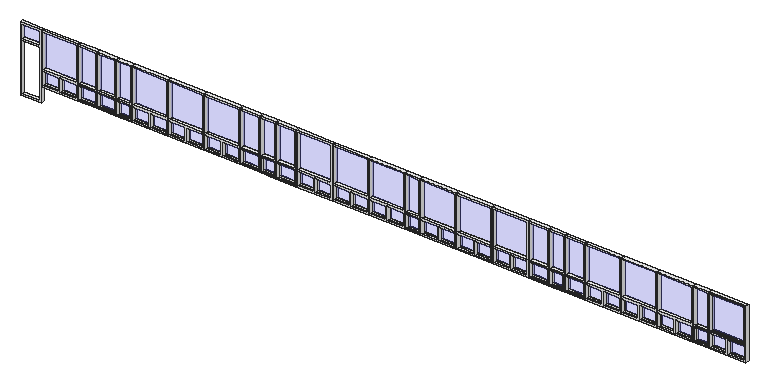
Revit family
Parameters
  창 두께 = 150 mm
  창 패널 = AW26 창 패널
  창 프레임 = AW26 창 프레임
  길이 4 = 길이 1 * 3  # 4500 mm
  길이 3 = 650 mm
  길이 2 = Height + 기본 씰 높이  # 2700 mm
  길이 1 = (Width - 10650 mm) / 13  # 1500 mm
  Height = 2100 mm
  절반 창 두께 = 창 두께 / 2  # 75 mm
  기본 씰 높이 = 600 mm
  Wall Closure = (empty or 0)
  Width = 30150 mm
Reference planes
  plane 1: y = 0
  plane 2 "왼쪽": x = -15075
  plane 3 "오른쪽": x = 15075
  plane 4 "씰": z = 600
  plane 5 "헤드": z = 2700
  plane 6 "외부": y = 100
  plane 7 "내부": y = -100
  plane 8: y = -75
  plane 9: y = 75
  plane 10: y = 66
  plane 11: y = 44
  plane 12: y = 35
  plane 13: x = 1550
  plane 14: z = 1200
  plane 15: z = 645
  plane 16: z = 1245
  plane 17: z = 1190
  plane 18: z = 655
  plane 19: z = 2655
  plane 20: z = 2100
  plane 21: z = 2055
Text (mm)
  text "외부" at (-1963.203, 1332.353, 0), in view "참조 레벨"
  text "내부" at (-1981.466, -818.386, 0), in view "참조 레벨"
  text "외부" at (0, 923.751, 2943.296), in view "오른쪽"
  text "외부" at (0, 1040.484, 2685.409), in view "왼쪽"
Dimensions and locks
  "Height": plane 4 "씰" to plane 5 "헤드"
  "기본 씰 높이": plane 4 "씰" to level
  locked: plane 6 "외부" to host wall at 0
  locked: plane 7 "내부" to host wall
  plane 9 to plane 10 to plane 11 to plane 12 = 9 mm locked, 22 mm locked, 9 mm locked
  locked: plane 4 "씰" to plane 14 at 600
  plane 4 "씰" to plane 15 to plane 18 = 45 mm locked, 10 mm locked
  plane 17 to plane 14 to plane 16 = 10 mm locked, 45 mm locked
  locked: plane 19 to plane 5 "헤드" at 45
  plane 21 to plane 20 to plane 5 "헤드" = 45 mm locked, 600 mm locked
  "절반 창 두께": plane 9 to host wall
  "절반 창 두께": host wall to plane 8
  "길이 4": nested 6 to nested 9
  locked: nested 8 to nested 17 at 2350
  "길이 4": nested 14 to nested 5
  locked: nested 22 to nested 14 at 2350
  locked: nested 25 to nested 24 at 2250
  plane 2 "왼쪽" to plane 13 to plane 3 "오른쪽" = 16625 mm, 13525 mm
  aligned and locked: plane 4 "씰" to nested 1  (x2)
  aligned and locked: plane 4 "씰" to nested 2  (x2)
  aligned and locked: plane 4 "씰" to nested 3  (x3)
  aligned and locked: nested 3 to nested 2
  aligned and locked: nested 3 to nested 4
  aligned and locked: plane 4 "씰" to nested 4  (x2)
  aligned and locked: nested 1 to nested 5
  aligned and locked: plane 4 "씰" to nested 5  (x2)
  aligned and locked: nested 1 to nested 6
  aligned and locked: nested 6 to nested 7
  aligned and locked: nested 7 to nested 8
  aligned and locked: nested 9 to nested 10
  aligned and locked: nested 10 to nested 11
  aligned and locked: nested 5 to nested 12
  aligned and locked: nested 12 to nested 13
  aligned and locked: nested 14 to nested 15
  aligned and locked: nested 15 to nested 16
  aligned and locked: nested 17 to nested 18
  aligned and locked: nested 18 to nested 19
  aligned and locked: nested 19 to nested 20
  aligned and locked: plane 4 "씰" to nested 21  (x2)
  aligned and locked: nested 21 to nested 20
  aligned and locked: nested 22 to nested 23
  aligned and locked: nested 23 to nested 24
  aligned and locked: nested 2 to nested 24
  aligned and locked: nested 26 to nested 25
  aligned and locked: plane 4 "씰" to nested 20
  aligned and locked: plane 4 "씰" to nested 19
  aligned and locked: plane 4 "씰" to nested 18
  aligned and locked: plane 4 "씰" to nested 17  (x2)
  aligned and locked: plane 4 "씰" to nested 11
  aligned and locked: plane 4 "씰" to nested 10
  aligned and locked: plane 4 "씰" to nested 9
  aligned and locked: plane 4 "씰" to nested 8
  aligned and locked: plane 4 "씰" to nested 7
  aligned and locked: plane 4 "씰" to nested 6
  aligned and locked: plane 4 "씰" to nested 12
  aligned and locked: plane 4 "씰" to nested 13
  aligned and locked: plane 4 "씰" to nested 14
  aligned and locked: plane 4 "씰" to nested 15
  aligned and locked: plane 4 "씰" to nested 16
  aligned and locked: plane 4 "씰" to nested 22
  aligned and locked: plane 4 "씰" to nested 23
  aligned and locked: plane 4 "씰" to nested 24
  aligned and locked: plane 4 "씰" to nested 25
Nested families
  nested 1: "창 고정 단위" at (1225, 0, 0), type "AW9_1_1"
  nested 2: "창 고정 단위" at (-10775, 0, 0), type "AW9_1"
  nested 3: "창 고정 단위" at (-11500, 0, 0), type "AW9_3"
  nested 4: "창 고정 단위" at (-12300, 0, 0), type "AW9_3"
  nested 5: "AW9 2" at (150, 0, 0), type "AW9"
  nested 6: "AW9 2" at (2300, 0, 0), type "AW9"
  nested 7: "AW9 2" at (3800, 0, 0), type "AW9"
  nested 8: "AW9 2" at (5300, 0, 0), type "AW9"
  nested 9: "창 고정 단위" at (6475, 0, 0), type "AW9_2"
  nested 10: "창 고정 단위" at (7225, 0, 0), type "AW9_1"
  nested 11: "창 고정 단위" at (7975, 0, 0), type "AW9_2"
  nested 12: "AW9 2" at (-1350, 0, 0), type "AW9"
  nested 13: "AW9 2" at (-2850, 0, 0), type "AW9"
  nested 14: "창 고정 단위" at (-4025, 0, 0), type "AW9_2"
  nested 15: "창 고정 단위" at (-4775, 0, 0), type "AW9_1"
  nested 16: "창 고정 단위" at (-5525, 0, 0), type "AW9_2"
  nested 17: "AW9 2" at (9150, 0, 0), type "AW9"
  nested 18: "AW9 2" at (10650, 0, 0), type "AW9"
  nested 19: "AW9 2" at (12150, 0, 0), type "AW9"
  nested 20: "창 고정 단위" at (13225, 0, 0), type "AW9_1"
  nested 21: "창 개구부 단위" at (14312.5, 0, 0), type "AW9"
  nested 22: "AW9 2" at (-6700, 0, 0), type "AW9"
  nested 23: "AW9 2" at (-8200, 0, 0), type "AW9"
  nested 24: "AW9 2" at (-9700, 0, 0), type "AW9"
  nested 25: "AW9 2" at (-13450, 0, 0), type "AW9"
  nested 26: "문 프레임" at (-14637.5, 0, 0), type "AW9-1"
Definition of nested family "창 고정 단위"
  Parameters (values of type "AW9_1_1")
    창 두께 = 150 mm
    창 패널 = AW26 창 패널
    창 프레임 = AW26 창 프레임
    Height = 2100 mm
    절반 창 두께 = 창 두께 / 2  # 75 mm
    기본 씰 높이 = 600 mm
    Wall Closure = (empty or 0)
    Width = 650 mm
    Assembly Code = ""
  Types (4, lengths in mm): name | Width
    AW9_1_1 | 650
    AW9_3 | 800
    AW9_2 | 850
    AW9_1 | 650
  Reference planes
    plane 1: y = 0
    plane 2 "중심(왼쪽/오른쪽)": x = 0
    plane 3 "왼쪽": x = -325
    plane 4 "오른쪽": x = 325
    plane 5 "씰": z = 600
    plane 6 "헤드": z = 2700
    plane 7 "외부": y = 100
    plane 8 "내부": y = -100
    plane 9: y = 75
    plane 10: y = -75
    plane 11: y = 35
    plane 12: x = -280
    plane 13: x = 280
    plane 14: x = -270
    plane 15: x = 270
    plane 16: z = 1200
    plane 17: z = 1190
    plane 18: z = 1245
    plane 19: y = 55
    plane 20: y = 66
    plane 21: y = 44
    plane 22: y = -11
    plane 23: y = 11
    plane 24: x = -22.5
    plane 25: x = 22.5
    plane 26: x = -32.5
    plane 27: x = 32.5
    plane 28: z = 2655
    plane 29: z = 645
    plane 30: x = 230
    plane 31: z = 1150
    plane 32: x = -230
    plane 33: z = 685
    plane 34: x = 72.5
    plane 35: x = -72.5
    plane 36: x = 156.25
    plane 37: x = -156.25
    plane 38: z = 655
  Forms (mm)
    Extrusion 1, solid, material "AW26 창 프레임" <- "창 프레임"
      sketch origin (-2000, 75, 1000) x (-1, 0, 0) y (0, 0, 1)
        loop
          line (-2325, 1700) -> (-2325, -400) -> (-1675, -400) -> (-1675, 1700) -> (-2325, 1700)
        loop
          line (-2280, 1655) -> (-2280, 245) -> (-1720, 245) -> (-1720, 1655) -> (-2280, 1655)
        loop
          line (-2280, -355) -> (-1720, -355) -> (-1720, 200) -> (-2280, 200) -> (-2280, -355)
      from -150 to 0
    Extrusion 2, solid, material "AW26 창 패널" <- "창 패널"
      sketch origin (-2000, 75, 1000) x (-1, 0, 0) y (0, 0, 1)
        loop
          line (-2280, 1655) -> (-2280, 245) -> (-1720, 245) -> (-1720, 1655) -> (-2280, 1655)
        loop
          line (-2280, 200) -> (-2280, -355) -> (-1720, -355) -> (-1720, 200) -> (-2280, 200)
      from -31 to -9
    Extrusion 3, solid, material "AW26 창 프레임" <- "창 프레임"
      sketch origin (-2000, 75, 1000) x (-1, 0, 0) y (0, 0, 1)
        loop
          line (-2230, 150) -> (-2230, -315) -> (-1770, -315) -> (-1770, 150) -> (-2230, 150)
        loop
          line (-2280, 200) -> (-2280, -355) -> (-1720, -355) -> (-1720, 200) -> (-2280, 200)
      from -64 to 0
    Extrusion 4, solid, material "AW26 창 프레임" <- "창 프레임"
      sketch origin (-2000, 75, 1000) x (-1, 0, 0) y (0, 0, 1)
        loop
          line (-2280, 200) -> (-2280, -355) -> (-1720, -355) -> (-1720, 200) -> (-2280, 200)
        loop
          line (-2270, 190) -> (-2270, -345) -> (-1730, -345) -> (-1730, 190) -> (-2270, 190)
      from -64 to -150
  Lines and regions (mm)
    Opening 1
      outline origin (3500, -100, 0) x (1, 0, 0) y (0, 0, 1)
        loop
          line (-3175, 600) -> (-3175, 2700) -> (-3825, 2700) -> (-3825, 600) -> (-3175, 600)
    symbolic lines
      curve 1: line (-280, 75, 0) -> (-280, -75, 0)
      curve 2: line (280, 75, 0) -> (280, -75, 0)
      curve 3: line (-325, 75, 0) -> (325, 75, 0)
      curve 4: line (-280, 0, 0) -> (280, 0, 0)
      curve 5: line (-325, -75, 0) -> (325, -75, 0)
  Text (mm)
    text "외부" at (-1963.203, 1332.353, 0), in view "참조 레벨"
    text "내부" at (-1981.466, -818.386, 0), in view "참조 레벨"
    text "외부" at (0, 923.751, 2943.296), in view "오른쪽"
    text "외부" at (0, 1040.484, 2685.409), in view "왼쪽"
  Dimensions and locks
    equal spacing: plane 3 "왼쪽", plane 2 "중심(왼쪽/오른쪽)", plane 4 "오른쪽"
    "Width": plane 3 "왼쪽" to plane 4 "오른쪽"
    "Height": plane 5 "씰" to plane 6 "헤드"
    locked: plane 7 "외부" to host wall at 0
    locked: plane 8 "내부" to host wall
    plane 17 to plane 16 to plane 18 = 10 mm locked, 45 mm locked
    plane 9 to plane 19 to plane 11 = 20 mm locked, 20 mm locked
    plane 20 to plane 19 to plane 21 = 11 mm locked, 11 mm locked
    plane 23 to host wall to plane 22 = 11 mm locked, 11 mm locked
    plane 3 "왼쪽" to plane 12 to plane 14 = 45 mm locked, 10 mm locked
    plane 15 to plane 13 to plane 4 "오른쪽" = 10 mm locked, 45 mm locked
    plane 24 to plane 2 "중심(왼쪽/오른쪽)" to plane 25 = 22.5 mm locked, 22.5 mm locked
    locked: plane 26 to plane 24 at 10
    locked: plane 25 to plane 27 at 10
    locked: plane 5 "씰" to plane 16 at 600
    "절반 창 두께": plane 9 to plane 1
    "절반 창 두께": plane 10 to plane 1
    "기본 씰 높이": level to plane 5 "씰"
    locked: plane 28 to plane 6 "헤드" at 45
    locked: plane 5 "씰" to plane 29 at 45
    locked: plane 30 to plane 15 at 40
    locked: plane 31 to plane 17 at 40
    locked: plane 14 to plane 32 at 40
    locked: plane 29 to plane 33 at 40
    locked: plane 34 to plane 27 at 40
    locked: plane 26 to plane 35 at 40
    equal spacing: plane 27, plane 36, plane 13
    equal spacing: plane 26, plane 37, plane 12
    locked: plane 29 to plane 38 at 10
    aligned and locked: plane 6 "헤드" to Extrusion 1 sketch curve
    aligned and locked: plane 4 "오른쪽" to Extrusion 1 sketch curve
    aligned and locked: Extrusion 1 sketch curve to plane 5 "씰"
    aligned and locked: Extrusion 1 sketch curve to plane 3 "왼쪽"
    aligned and locked: Extrusion 1 sketch curve to plane 28
    aligned and locked: Extrusion 1 sketch curve to plane 12
    aligned and locked: plane 13 to Extrusion 1 sketch curve  (x3)
    aligned and locked: plane 18 to Extrusion 1 sketch curve
    aligned and locked: Extrusion 1 to plane 10
    aligned and locked: plane 9 to Extrusion 1
    aligned and locked: plane 12 to Extrusion 1 sketch curve  (x2)
    aligned and locked: Extrusion 1 sketch curve to plane 29
    aligned and locked: plane 13 to Extrusion 2 sketch curve  (x2)
    aligned and locked: Extrusion 2 sketch curve to plane 28
    aligned and locked: Extrusion 2 sketch curve to plane 12  (x2)
    aligned and locked: Extrusion 2 sketch curve to plane 18
    aligned and locked: plane 29 to Extrusion 2 sketch curve
    aligned and locked: Extrusion 2 to plane 21
    aligned and locked: plane 20 to Extrusion 2
    aligned and locked: plane 33 to Extrusion 3 sketch curve
    aligned and locked: Extrusion 3 sketch curve to plane 32
    aligned and locked: Extrusion 3 sketch curve to plane 31
    aligned and locked: Extrusion 3 sketch curve to plane 30
    aligned and locked: plane 16 to Extrusion 3 sketch curve
    aligned and locked: plane 13 to Extrusion 3 sketch curve
    aligned and locked: plane 29 to Extrusion 3 sketch curve
    aligned and locked: Extrusion 3 sketch curve to plane 12
    aligned and locked: plane 16 to Extrusion 1 sketch curve
    aligned and locked: plane 16 to Extrusion 2 sketch curve
    aligned and locked: Extrusion 3 to plane 23
    aligned and locked: plane 9 to Extrusion 3
    aligned and locked: plane 16 to Extrusion 4 sketch curve
    aligned and locked: plane 13 to Extrusion 4 sketch curve
    aligned and locked: plane 29 to Extrusion 4 sketch curve
    aligned and locked: Extrusion 4 sketch curve to plane 12
    aligned and locked: Extrusion 4 sketch curve to plane 14
    aligned and locked: plane 17 to Extrusion 4 sketch curve
    aligned and locked: plane 15 to Extrusion 4 sketch curve
    aligned and locked: plane 38 to Extrusion 4 sketch curve
    aligned and locked: Extrusion 4 to plane 23
    aligned and locked: Extrusion 4 to plane 10
    aligned and locked: plane 9 to curve 1
    aligned and locked: plane 10 to curve 1
    aligned and locked: plane 12 to curve 1
    aligned and locked: plane 13 to curve 2
    aligned and locked: plane 3 "왼쪽" to curve 3
    aligned and locked: plane 4 "오른쪽" to curve 3
    aligned and locked: curve 3 to plane 9
    aligned and locked: plane 3 "왼쪽" to curve 5
    aligned and locked: plane 4 "오른쪽" to curve 5
    aligned and locked: curve 5 to plane 10
    aligned and locked: plane 12 to curve 4
    aligned and locked: plane 13 to curve 4
    aligned and locked: host wall to curve 4
  Automatic sketch dimensions
    Opening 1 sketch curve to plane 3 "왼쪽" = 0 mm
    Opening 1 sketch curve to plane 4 "오른쪽" = 0 mm
    Opening 1 sketch curve to plane 5 "씰" = 0 mm
    Opening 1 sketch curve to plane 6 "헤드" = 0 mm
Definition of nested family "AW9 2"
  Parameters (values of type "AW9")
    창 두께 = 150 mm
    창 패널 = AW26 창 패널
    창 프레임 = AW26 창 프레임
    Height = 2100 mm
    절반 창 두께 = 창 두께 / 2  # 75 mm
    기본 씰 높이 = 600 mm
    Wall Closure = (empty or 0)
    Width = 1500 mm
    Assembly Code = ""
  Types (2, lengths in mm): name | Width
    AW9 | 1500
    AW9 1 | 4500
  Reference planes
    plane 1: y = 0
    plane 2 "중심(왼쪽/오른쪽)": x = 0
    plane 3 "왼쪽": x = -750
    plane 4 "오른쪽": x = 750
    plane 5 "씰": z = 600
    plane 6 "헤드": z = 2700
    plane 7 "외부": y = 100
    plane 8 "내부": y = -100
    plane 9: y = 75
    plane 10: y = -75
    plane 11: y = 35
    plane 12: x = -705
    plane 13: x = 705
    plane 14: x = -695
    plane 15: x = 695
    plane 16: z = 1200
    plane 17: z = 1190
    plane 18: z = 1245
    plane 19: y = 55
    plane 20: y = 66
    plane 21: y = 44
    plane 22: y = -11
    plane 23: y = 11
    plane 24: x = -22.5
    plane 25: x = 22.5
    plane 26: x = -32.5
    plane 27: x = 32.5
    plane 28: z = 2655
    plane 29: z = 645
    plane 30: x = 655
    plane 31: z = 1150
    plane 32: x = -655
    plane 33: z = 685
    plane 34: x = 72.5
    plane 35: x = -72.5
    plane 36: x = 368.75
    plane 37: x = -368.75
  Forms (mm)
    Extrusion 1, solid, material "AW26 창 프레임" <- "창 프레임"
      sketch origin (-2000, 75, 1000) x (-1, 0, 0) y (0, 0, 1)
        loop
          line (-2750, 1700) -> (-2750, -400) -> (-1250, -400) -> (-1250, 1700) -> (-2750, 1700)
        loop
          line (-2705, 1655) -> (-2705, 245) -> (-1295, 245) -> (-1295, 1655) -> (-2705, 1655)
        loop
          line (-2705, -355) -> (-2032.5, -355) -> (-2032.5, 190) -> (-2705, 190) -> (-2705, -355)
        loop
          line (-1295, -355) -> (-1295, 190) -> (-1967.5, 190) -> (-1967.5, -355) -> (-1295, -355)
      from -150 to 0
    Extrusion 2, solid, material "AW26 창 프레임" <- "창 프레임"
      sketch origin (-2000, 75, 1000) x (-1, 0, 0) y (0, 0, 1)
        loop
          line (-2705, 190) -> (-2705, -355) -> (-2032.5, -355) -> (-2032.5, 190) -> (-2705, 190)
        loop
          line (-1967.5, 190) -> (-1967.5, -355) -> (-1295, -355) -> (-1295, 190) -> (-1967.5, 190)
        loop
          line (-2655, 150) -> (-2655, -315) -> (-2072.5, -315) -> (-2072.5, 150) -> (-2655, 150)
        loop
          line (-1927.5, 150) -> (-1927.5, -315) -> (-1345, -315) -> (-1345, 150) -> (-1927.5, 150)
      from -40 to 0
    Extrusion 3, solid, material "AW26 창 패널" <- "창 패널"
      sketch origin (-2000, 75, 1000) x (-1, 0, 0) y (0, 0, 1)
        loop
          line (-2705, 1655) -> (-2705, 245) -> (-1295, 245) -> (-1295, 1655) -> (-2705, 1655)
        loop
          line (-2655, 150) -> (-2655, -315) -> (-2072.5, -315) -> (-2072.5, 150) -> (-2655, 150)
        loop
          line (-1927.5, 150) -> (-1927.5, -315) -> (-1345, -315) -> (-1345, 150) -> (-1927.5, 150)
      from -31 to -9
  Lines and regions (mm)
    Opening 1
      outline origin (3500, -100, 0) x (1, 0, 0) y (0, 0, 1)
        loop
          line (-2750, 600) -> (-2750, 2700) -> (-4250, 2700) -> (-4250, 600) -> (-2750, 600)
    symbolic lines, style "입면도 스윙"
      curve 1: line (368.75, 75, 1190) -> (705, 75, 645)
      curve 2: line (368.75, 75, 1190) -> (32.5, 75, 645)
      curve 3: line (-32.5, 75, 645) -> (-368.75, 75, 1190)
      curve 4: line (-368.75, 75, 1190) -> (-705, 75, 645)
    symbolic lines
      curve 5: line (-705, 75, 0) -> (-705, -75, 0)
      curve 6: line (-750, 75, 0) -> (750, 75, 0)
      curve 7: line (-750, -75, 0) -> (750, -75, 0)
      curve 8: line (705, 75, 0) -> (705, -75, 0)
      curve 9: line (-705, 0, 0) -> (705, 0, 0)
  Text (mm)
    text "외부" at (-1963.203, 1332.353, 0), in view "참조 레벨"
    text "내부" at (-1981.466, -818.386, 0), in view "참조 레벨"
    text "외부" at (0, 923.751, 2943.296), in view "오른쪽"
    text "외부" at (0, 1040.484, 2685.409), in view "왼쪽"
  Dimensions and locks
    equal spacing: plane 3 "왼쪽", plane 2 "중심(왼쪽/오른쪽)", plane 4 "오른쪽"
    "Width": plane 3 "왼쪽" to plane 4 "오른쪽"
    "Height": plane 5 "씰" to plane 6 "헤드"
    locked: plane 7 "외부" to host wall at 0
    locked: plane 8 "내부" to host wall
    plane 17 to plane 16 to plane 18 = 10 mm locked, 45 mm locked
    plane 9 to plane 19 to plane 11 = 20 mm locked, 20 mm locked
    plane 20 to plane 19 to plane 21 = 11 mm locked, 11 mm locked
    plane 23 to host wall to plane 22 = 11 mm locked, 11 mm locked
    plane 3 "왼쪽" to plane 12 to plane 14 = 45 mm locked, 10 mm locked
    plane 15 to plane 13 to plane 4 "오른쪽" = 10 mm locked, 45 mm locked
    plane 24 to plane 2 "중심(왼쪽/오른쪽)" to plane 25 = 22.5 mm locked, 22.5 mm locked
    locked: plane 26 to plane 24 at 10
    locked: plane 25 to plane 27 at 10
    locked: plane 5 "씰" to plane 16 at 600
    "절반 창 두께": plane 9 to plane 1
    "절반 창 두께": plane 10 to plane 1
    "기본 씰 높이": level to plane 5 "씰"
    locked: plane 28 to plane 6 "헤드" at 45
    locked: plane 5 "씰" to plane 29 at 45
    locked: plane 30 to plane 15 at 40
    locked: plane 31 to plane 17 at 40
    locked: plane 14 to plane 32 at 40
    locked: plane 29 to plane 33 at 40
    locked: plane 34 to plane 27 at 40
    locked: plane 26 to plane 35 at 40
    equal spacing: plane 27, plane 36, plane 13
    equal spacing: plane 26, plane 37, plane 12
    aligned and locked: plane 6 "헤드" to Extrusion 1 sketch curve
    aligned and locked: plane 4 "오른쪽" to Extrusion 1 sketch curve
    aligned and locked: Extrusion 1 sketch curve to plane 5 "씰"
    aligned and locked: Extrusion 1 sketch curve to plane 3 "왼쪽"
    aligned and locked: Extrusion 1 sketch curve to plane 28
    aligned and locked: plane 13 to Extrusion 1 sketch curve  (x2)
    aligned and locked: plane 29 to Extrusion 1 sketch curve  (x2)
    aligned and locked: Extrusion 1 sketch curve to plane 12
    aligned and locked: plane 18 to Extrusion 1 sketch curve
    aligned and locked: plane 12 to Extrusion 1 sketch curve
    aligned and locked: plane 17 to Extrusion 1 sketch curve  (x2)
    aligned and locked: plane 27 to Extrusion 1 sketch curve
    aligned and locked: plane 26 to Extrusion 1 sketch curve
    aligned and locked: Extrusion 1 to plane 10
    aligned and locked: plane 9 to Extrusion 1
    aligned and locked: plane 17 to Extrusion 2 sketch curve  (x2)
    aligned and locked: plane 13 to Extrusion 2 sketch curve
    aligned and locked: plane 29 to Extrusion 2 sketch curve  (x2)
    aligned and locked: plane 27 to Extrusion 2 sketch curve
    aligned and locked: Extrusion 2 sketch curve to plane 31  (x2)
    aligned and locked: Extrusion 2 sketch curve to plane 30
    aligned and locked: plane 33 to Extrusion 2 sketch curve  (x2)
    aligned and locked: Extrusion 2 sketch curve to plane 34
    aligned and locked: Extrusion 2 sketch curve to plane 26
    aligned and locked: Extrusion 2 sketch curve to plane 12
    aligned and locked: Extrusion 2 sketch curve to plane 35
    aligned and locked: Extrusion 2 sketch curve to plane 32
    aligned and locked: Extrusion 2 to plane 9
    aligned and locked: Extrusion 2 to plane 11
    aligned and locked: Extrusion 3 sketch curve to plane 28
    aligned and locked: plane 13 to Extrusion 3 sketch curve
    aligned and locked: Extrusion 3 sketch curve to plane 18
    aligned and locked: Extrusion 3 sketch curve to plane 12
    aligned and locked: Extrusion 3 sketch curve to plane 31  (x2)
    aligned and locked: Extrusion 3 sketch curve to plane 30
    aligned and locked: plane 33 to Extrusion 3 sketch curve  (x2)
    aligned and locked: Extrusion 3 sketch curve to plane 34
    aligned and locked: Extrusion 3 sketch curve to plane 35
    aligned and locked: Extrusion 3 sketch curve to plane 32
    aligned and locked: Extrusion 3 to plane 21
    aligned and locked: plane 20 to Extrusion 3
    aligned and locked: plane 36 to curve 1
    aligned and locked: plane 29 to curve 1
    aligned and locked: plane 13 to curve 1
    aligned and locked: plane 17 to curve 2
    aligned and locked: plane 27 to curve 2
    aligned and locked: plane 29 to curve 2
    aligned and locked: plane 17 to curve 3
    aligned and locked: plane 37 to curve 3
    aligned and locked: plane 29 to curve 3
    aligned and locked: plane 26 to curve 3
    aligned and locked: plane 29 to curve 4
    aligned and locked: plane 12 to curve 4
    aligned and locked: plane 9 to curve 5
    aligned and locked: plane 10 to curve 5
    aligned and locked: plane 12 to curve 5
    aligned and locked: plane 3 "왼쪽" to curve 6
    aligned and locked: plane 4 "오른쪽" to curve 6
    aligned and locked: curve 6 to plane 9
    aligned and locked: plane 13 to curve 8
    aligned and locked: plane 4 "오른쪽" to curve 7
    aligned and locked: plane 3 "왼쪽" to curve 7
    aligned and locked: curve 7 to plane 10
    aligned and locked: plane 12 to curve 9
    aligned and locked: plane 13 to curve 9
    aligned and locked: host wall to curve 9
  Automatic sketch dimensions
    Opening 1 sketch curve to plane 3 "왼쪽" = 0 mm
    Opening 1 sketch curve to plane 4 "오른쪽" = 0 mm
    Opening 1 sketch curve to plane 5 "씰" = 0 mm
    Opening 1 sketch curve to plane 6 "헤드" = 0 mm
    Extrusion 1 sketch curve to plane 17 = 0 mm
    Extrusion 1 sketch curve to plane 29 = 0 mm
Definition of nested family "창 개구부 단위"
  Parameters (values of type "AW9")
    창 두께 = 150 mm
    창 패널 = AW26 창 패널
    창 프레임 = AW26 창 프레임
    Height = 2100 mm
    절반 창 두께 = 창 두께 / 2  # 75 mm
    기본 씰 높이 = 600 mm
    Wall Closure = (empty or 0)
    Width = 1525 mm
    Assembly Code = ""
  Reference planes
    plane 1: y = 0
    plane 2 "중심(왼쪽/오른쪽)": x = 0
    plane 3 "왼쪽": x = -762.5
    plane 4 "오른쪽": x = 762.5
    plane 5 "씰": z = 600
    plane 6 "헤드": z = 2700
    plane 7 "외부": y = 100
    plane 8 "내부": y = -100
    plane 9: y = 75
    plane 10: y = -75
    plane 11: y = 35
    plane 12: x = -717.5
    plane 13: x = 717.5
    plane 14: x = -707.5
    plane 15: x = 707.5
    plane 16: z = 1200
    plane 17: z = 1190
    plane 18: z = 1245
    plane 19: y = 55
    plane 20: y = 66
    plane 21: y = 44
    plane 22: y = -11
    plane 23: y = 11
    plane 24: x = -22.5
    plane 25: x = 22.5
    plane 26: x = -32.5
    plane 27: x = 32.5
    plane 28: z = 2655
    plane 29: z = 645
    plane 30: x = 667.5
    plane 31: z = 1150
    plane 32: x = -667.5
    plane 33: z = 685
    plane 34: x = 72.5
    plane 35: x = -72.5
    plane 36: x = 375
    plane 37: x = -375
    plane 38: z = 2615
    plane 39: z = 1285
    plane 40: x = -677.5
    plane 41: x = 677.5
    plane 42: z = 2645
    plane 43: z = 1255
    plane 44: z = 1950
  Forms (mm)
    Extrusion 1, solid, material "AW26 창 프레임" <- "창 프레임"
      sketch origin (-2000, 75, 1000) x (-1, 0, 0) y (0, 0, 1)
        loop
          line (-2762.5, 1700) -> (-2762.5, -400) -> (-1237.5, -400) -> (-1237.5, 1700) -> (-2762.5, 1700)
        loop
          line (-2717.5, 1655) -> (-2717.5, 245) -> (-1282.5, 245) -> (-1282.5, 1655) -> (-2717.5, 1655)
        loop
          line (-2717.5, -355) -> (-2032.5, -355) -> (-2032.5, 190) -> (-2717.5, 190) -> (-2717.5, -355)
        loop
          line (-1282.5, -355) -> (-1282.5, 190) -> (-1967.5, 190) -> (-1967.5, -355) -> (-1282.5, -355)
      from -150 to 0
    Extrusion 2, solid, material "AW26 창 프레임" <- "창 프레임"
      sketch origin (-2000, 75, 1000) x (-1, 0, 0) y (0, 0, 1)
        loop
          line (-2717.5, 190) -> (-2717.5, -355) -> (-2032.5, -355) -> (-2032.5, 190) -> (-2717.5, 190)
        loop
          line (-1967.5, 190) -> (-1967.5, -355) -> (-1282.5, -355) -> (-1282.5, 190) -> (-1967.5, 190)
        loop
          line (-2667.5, 150) -> (-2667.5, -315) -> (-2072.5, -315) -> (-2072.5, 150) -> (-2667.5, 150)
        loop
          line (-1927.5, 150) -> (-1927.5, -315) -> (-1332.5, -315) -> (-1332.5, 150) -> (-1927.5, 150)
      from -40 to 0
    Extrusion 3, solid, material "AW26 창 패널" <- "창 패널"
      sketch origin (-2000, 75, 1000) x (-1, 0, 0) y (0, 0, 1)
        loop
          line (-2717.5, 1655) -> (-2717.5, 245) -> (-1282.5, 245) -> (-1282.5, 1655) -> (-2717.5, 1655)
        loop
          line (-2667.5, 150) -> (-2667.5, -315) -> (-2072.5, -315) -> (-2072.5, 150) -> (-2667.5, 150)
        loop
          line (-1927.5, 150) -> (-1927.5, -315) -> (-1332.5, -315) -> (-1332.5, 150) -> (-1927.5, 150)
      from -31 to -9
    Extrusion 4, solid, material "AW26 창 프레임" <- "창 프레임"
      sketch origin (-2000, 75, 1000) x (-1, 0, 0) y (0, 0, 1)
        loop
          line (-2717.5, 1655) -> (-2717.5, 245) -> (-1282.5, 245) -> (-1282.5, 1655) -> (-2717.5, 1655)
        loop
          line (-2677.5, 1615) -> (-2677.5, 285) -> (-1322.5, 285) -> (-1322.5, 1615) -> (-2677.5, 1615)
      from -64 to -9
    Extrusion 5, solid, material "AW26 창 프레임" <- "창 프레임"
      sketch origin (-2000, 75, 1000) x (-1, 0, 0) y (0, 0, 1)
        loop
          line (-2717.5, 1655) -> (-2717.5, 245) -> (-1282.5, 245) -> (-1282.5, 1655) -> (-2717.5, 1655)
        loop
          line (-2707.5, 1645) -> (-2707.5, 255) -> (-1292.5, 255) -> (-1292.5, 1645) -> (-2707.5, 1645)
      from -40 to -150
  Lines and regions (mm)
    Opening 1
      outline origin (3500, -100, 0) x (1, 0, 0) y (0, 0, 1)
        loop
          line (-2737.5, 600) -> (-2737.5, 2700) -> (-4262.5, 2700) -> (-4262.5, 600) -> (-2737.5, 600)
    symbolic lines, style "입면도 스윙"
      curve 1: line (375, 75, 1190) -> (717.5, 75, 645)
      curve 2: line (375, 75, 1190) -> (32.5, 75, 645)
      curve 3: line (-32.5, 75, 645) -> (-375, 75, 1190)
      curve 4: line (-375, 75, 1190) -> (-717.5, 75, 645)
      curve 5: line (717.5, 75, 2655) -> (-717.5, 75, 1950)
      curve 6: line (-717.5, 75, 1950) -> (717.5, 75, 1245)
    symbolic lines
      curve 7: line (-717.5, 75, 0) -> (-717.5, -75, 0)
      curve 8: line (717.5, 75, 0) -> (717.5, -75, 0)
      curve 9: line (-762.5, 75, 0) -> (762.5, 75, 0)
      curve 10: line (-762.5, -75, 0) -> (762.5, -75, 0)
      curve 11: line (-717.5, 0, 0) -> (717.5, 0, 0)
  Text (mm)
    text "외부" at (-1963.203, 1332.353, 0), in view "참조 레벨"
    text "내부" at (-1981.466, -818.386, 0), in view "참조 레벨"
    text "외부" at (0, 923.751, 2943.296), in view "오른쪽"
    text "외부" at (0, 1040.484, 2685.409), in view "왼쪽"
  Dimensions and locks
    equal spacing: plane 3 "왼쪽", plane 2 "중심(왼쪽/오른쪽)", plane 4 "오른쪽"
    "Width": plane 3 "왼쪽" to plane 4 "오른쪽"
    "Height": plane 5 "씰" to plane 6 "헤드"
    locked: plane 7 "외부" to host wall at 0
    locked: plane 8 "내부" to host wall
    plane 17 to plane 16 to plane 18 = 10 mm locked, 45 mm locked
    plane 9 to plane 19 to plane 11 = 20 mm locked, 20 mm locked
    plane 20 to plane 19 to plane 21 = 11 mm locked, 11 mm locked
    plane 23 to host wall to plane 22 = 11 mm locked, 11 mm locked
    plane 3 "왼쪽" to plane 12 to plane 14 = 45 mm locked, 10 mm locked
    plane 15 to plane 13 to plane 4 "오른쪽" = 10 mm locked, 45 mm locked
    plane 24 to plane 2 "중심(왼쪽/오른쪽)" to plane 25 = 22.5 mm locked, 22.5 mm locked
    locked: plane 26 to plane 24 at 10
    locked: plane 25 to plane 27 at 10
    locked: plane 5 "씰" to plane 16 at 600
    "절반 창 두께": plane 9 to plane 1
    "절반 창 두께": plane 10 to plane 1
    "기본 씰 높이": level to plane 5 "씰"
    locked: plane 28 to plane 6 "헤드" at 45
    locked: plane 5 "씰" to plane 29 at 45
    locked: plane 30 to plane 15 at 40
    locked: plane 31 to plane 17 at 40
    locked: plane 14 to plane 32 at 40
    locked: plane 29 to plane 33 at 40
    locked: plane 34 to plane 27 at 40
    locked: plane 26 to plane 35 at 40
    equal spacing: plane 27, plane 36, plane 13
    equal spacing: plane 26, plane 37, plane 12
    locked: plane 38 to plane 28 at 40
    locked: plane 18 to plane 39 at 40
    locked: plane 41 to plane 13 at 40
    locked: plane 12 to plane 40 at 40
    locked: plane 42 to plane 28 at 10
    locked: plane 18 to plane 43 at 10
    equal spacing: plane 18, plane 44, plane 28
    aligned and locked: plane 6 "헤드" to Extrusion 1 sketch curve
    aligned and locked: plane 4 "오른쪽" to Extrusion 1 sketch curve
    aligned and locked: Extrusion 1 sketch curve to plane 5 "씰"
    aligned and locked: Extrusion 1 sketch curve to plane 3 "왼쪽"
    aligned and locked: Extrusion 1 sketch curve to plane 28
    aligned and locked: plane 13 to Extrusion 1 sketch curve  (x2)
    aligned and locked: plane 29 to Extrusion 1 sketch curve  (x2)
    aligned and locked: Extrusion 1 sketch curve to plane 12
    aligned and locked: plane 18 to Extrusion 1 sketch curve
    aligned and locked: plane 12 to Extrusion 1 sketch curve
    aligned and locked: plane 17 to Extrusion 1 sketch curve  (x2)
    aligned and locked: plane 27 to Extrusion 1 sketch curve
    aligned and locked: plane 26 to Extrusion 1 sketch curve
    aligned and locked: Extrusion 1 to plane 10
    aligned and locked: plane 9 to Extrusion 1
    aligned and locked: plane 17 to Extrusion 2 sketch curve  (x2)
    aligned and locked: plane 13 to Extrusion 2 sketch curve
    aligned and locked: plane 29 to Extrusion 2 sketch curve  (x2)
    aligned and locked: plane 27 to Extrusion 2 sketch curve
    aligned and locked: Extrusion 2 sketch curve to plane 31  (x2)
    aligned and locked: Extrusion 2 sketch curve to plane 30
    aligned and locked: plane 33 to Extrusion 2 sketch curve  (x2)
    aligned and locked: Extrusion 2 sketch curve to plane 34
    aligned and locked: Extrusion 2 sketch curve to plane 26
    aligned and locked: Extrusion 2 sketch curve to plane 12
    aligned and locked: Extrusion 2 sketch curve to plane 35
    aligned and locked: Extrusion 2 sketch curve to plane 32
    aligned and locked: Extrusion 2 to plane 9
    aligned and locked: Extrusion 2 to plane 11
    aligned and locked: Extrusion 3 sketch curve to plane 28
    aligned and locked: plane 13 to Extrusion 3 sketch curve
    aligned and locked: Extrusion 3 sketch curve to plane 18
    aligned and locked: Extrusion 3 sketch curve to plane 12
    aligned and locked: Extrusion 3 sketch curve to plane 31  (x2)
    aligned and locked: Extrusion 3 sketch curve to plane 30
    aligned and locked: plane 33 to Extrusion 3 sketch curve  (x2)
    aligned and locked: Extrusion 3 sketch curve to plane 34
    aligned and locked: Extrusion 3 sketch curve to plane 35
    aligned and locked: Extrusion 3 sketch curve to plane 32
    aligned and locked: Extrusion 3 to plane 21
    aligned and locked: plane 20 to Extrusion 3
    aligned and locked: plane 36 to curve 1
    aligned and locked: plane 29 to curve 1
    aligned and locked: plane 13 to curve 1
    aligned and locked: plane 17 to curve 2
    aligned and locked: plane 27 to curve 2
    aligned and locked: plane 29 to curve 2
    aligned and locked: plane 17 to curve 3
    aligned and locked: plane 37 to curve 3
    aligned and locked: plane 29 to curve 3
    aligned and locked: plane 26 to curve 3
    aligned and locked: plane 29 to curve 4
    aligned and locked: plane 12 to curve 4
    aligned and locked: Extrusion 4 sketch curve to plane 28
    aligned and locked: plane 13 to Extrusion 4 sketch curve
    aligned and locked: Extrusion 4 sketch curve to plane 18
    aligned and locked: Extrusion 4 sketch curve to plane 12
    aligned and locked: Extrusion 4 sketch curve to plane 38
    aligned and locked: Extrusion 4 sketch curve to plane 41
    aligned and locked: plane 39 to Extrusion 4 sketch curve
    aligned and locked: Extrusion 4 sketch curve to plane 40
    aligned and locked: Extrusion 4 to plane 23
    aligned and locked: plane 20 to Extrusion 4
    aligned and locked: Extrusion 5 sketch curve to plane 28
    aligned and locked: plane 13 to Extrusion 5 sketch curve
    aligned and locked: Extrusion 5 sketch curve to plane 18
    aligned and locked: Extrusion 5 sketch curve to plane 12
    aligned and locked: Extrusion 5 sketch curve to plane 42
    aligned and locked: plane 15 to Extrusion 5 sketch curve
    aligned and locked: plane 43 to Extrusion 5 sketch curve
    aligned and locked: Extrusion 5 sketch curve to plane 14
    aligned and locked: Extrusion 5 to plane 11
    aligned and locked: Extrusion 5 to plane 10
    aligned and locked: plane 13 to curve 5
    aligned and locked: plane 28 to curve 5
    aligned and locked: plane 18 to curve 6
    aligned and locked: plane 13 to curve 6
    aligned and locked: plane 12 to curve 6
    aligned and locked: plane 44 to curve 6
    aligned and locked: plane 9 to curve 7
    aligned and locked: plane 10 to curve 7
    aligned and locked: plane 12 to curve 7
    aligned and locked: plane 13 to curve 8
    aligned and locked: plane 4 "오른쪽" to curve 9
    aligned and locked: plane 3 "왼쪽" to curve 9
    aligned and locked: curve 9 to plane 9
    aligned and locked: plane 3 "왼쪽" to curve 10
    aligned and locked: plane 4 "오른쪽" to curve 10
    aligned and locked: curve 10 to plane 10
    aligned and locked: plane 13 to curve 11
    aligned and locked: plane 12 to curve 11
    aligned and locked: host wall to curve 11
  Automatic sketch dimensions
    Opening 1 sketch curve to plane 3 "왼쪽" = 0 mm
    Opening 1 sketch curve to plane 4 "오른쪽" = 0 mm
    Opening 1 sketch curve to plane 5 "씰" = 0 mm
    Opening 1 sketch curve to plane 6 "헤드" = 0 mm
    Extrusion 1 sketch curve to plane 17 = 0 mm
    Extrusion 1 sketch curve to plane 29 = 0 mm
Definition of nested family "문 프레임"
  Parameters (values of type "AW9-1")
    창 두께 = 150 mm
    창 패널 = AW26 창 패널
    창 프레임 = AW26 창 프레임
    Height = 2700 mm
    절반 창 두께 = 창 두께 / 2  # 75 mm
    기본 씰 높이 = 0 mm
    Wall Closure = (empty or 0)
    Width = 875 mm
    Assembly Code = ""
  Reference planes
    plane 1: y = 0
    plane 2 "중심(왼쪽/오른쪽)": x = 0
    plane 3 "왼쪽": x = -437.5
    plane 4 "오른쪽": x = 437.5
    plane 5 "씰": z = 0
    plane 6 "헤드": z = 2700
    plane 7 "외부": y = 100
    plane 8 "내부": y = -100
    plane 9: y = 75
    plane 10: y = -75
    plane 11: y = 35
    plane 12: x = -392.5
    plane 13: x = 392.5
    plane 14: x = -382.5
    plane 15: x = 382.5
    plane 16: z = 2055
    plane 17: z = 2045
    plane 18: z = 2100
    plane 19: y = 55
    plane 20: y = 66
    plane 21: y = 44
    plane 22: y = -11
    plane 23: y = 11
    plane 24: x = -22.5
    plane 25: x = 22.5
    plane 26: x = -32.5
    plane 27: x = 32.5
    plane 28: z = 2655
    plane 29: z = 45
    plane 30: x = 342.5
    plane 31: z = 2005
    plane 32: x = -342.5
    plane 33: z = 85
    plane 34: x = 72.5
    plane 35: x = -72.5
  Forms (mm)
    Extrusion 1, solid, material "AW26 창 프레임" <- "창 프레임"
      sketch origin (-2000, 75, 1000) x (-1, 0, 0) y (0, 0, 1)
        loop
          line (-2437.5, 1700) -> (-2437.5, -1000) -> (-1562.5, -1000) -> (-1562.5, 1700) -> (-2437.5, 1700)
        loop
          line (-2392.5, 1655) -> (-2392.5, 1100) -> (-1607.5, 1100) -> (-1607.5, 1655) -> (-2392.5, 1655)
        loop
          line (-2392.5, -955) -> (-1607.5, -955) -> (-1607.5, 1055) -> (-2392.5, 1055) -> (-2392.5, -955)
      from -150 to 0
    Extrusion 2, solid, material "AW26 창 패널" <- "창 패널"
      sketch origin (-2000, 75, 1000) x (-1, 0, 0) y (0, 0, 1)
        loop
          line (-2392.5, 1655) -> (-2392.5, 1100) -> (-1607.5, 1100) -> (-1607.5, 1655) -> (-2392.5, 1655)
      from -40 to -9
  Lines and regions (mm)
    Opening 1
      outline origin (3500, -100, 0) x (1, 0, 0) y (0, 0, 1)
        loop
          line (-3062.5, 0) -> (-3062.5, 2700) -> (-3937.5, 2700) -> (-3937.5, 0) -> (-3062.5, 0)
    symbolic lines
      curve 1: line (-437.5, 100, 0) -> (-437.5, -100, 0)
      curve 2: line (437.5, 100, 0) -> (437.5, -100, 0)
      curve 3: line (-437.5, 75, 0) -> (437.5, 75, 0)
      curve 4: line (-437.5, -75, 0) -> (437.5, -75, 0)
  Text (mm)
    text "외부" at (-1963.203, 1332.353, 0), in view "참조 레벨"
    text "내부" at (-1981.466, -818.386, 0), in view "참조 레벨"
    text "외부" at (0, 923.751, 2943.296), in view "오른쪽"
    text "외부" at (0, 1040.484, 2685.409), in view "왼쪽"
  Dimensions and locks
    equal spacing: plane 3 "왼쪽", plane 2 "중심(왼쪽/오른쪽)", plane 4 "오른쪽"
    "Width": plane 3 "왼쪽" to plane 4 "오른쪽"
    "Height": plane 5 "씰" to plane 6 "헤드"
    locked: plane 7 "외부" to host wall at 0
    locked: plane 8 "내부" to host wall
    plane 17 to plane 16 to plane 18 = 10 mm locked, 45 mm locked
    plane 9 to plane 19 to plane 11 = 20 mm locked, 20 mm locked
    plane 20 to plane 19 to plane 21 = 11 mm locked, 11 mm locked
    plane 23 to host wall to plane 22 = 11 mm locked, 11 mm locked
    plane 3 "왼쪽" to plane 12 to plane 14 = 45 mm locked, 10 mm locked
    plane 15 to plane 13 to plane 4 "오른쪽" = 10 mm locked, 45 mm locked
    plane 24 to plane 2 "중심(왼쪽/오른쪽)" to plane 25 = 22.5 mm locked, 22.5 mm locked
    locked: plane 26 to plane 24 at 10
    locked: plane 25 to plane 27 at 10
    "절반 창 두께": plane 9 to plane 1
    "절반 창 두께": plane 10 to plane 1
    "기본 씰 높이": level to plane 5 "씰"
    locked: plane 28 to plane 6 "헤드" at 45
    locked: plane 5 "씰" to plane 29 at 45
    locked: plane 30 to plane 15 at 40
    locked: plane 31 to plane 17 at 40
    locked: plane 14 to plane 32 at 40
    locked: plane 29 to plane 33 at 40
    locked: plane 34 to plane 27 at 40
    locked: plane 26 to plane 35 at 40
    plane 18 to plane 6 "헤드" = 600 mm
    aligned and locked: plane 6 "헤드" to Extrusion 1 sketch curve
    aligned and locked: plane 4 "오른쪽" to Extrusion 1 sketch curve
    aligned and locked: Extrusion 1 sketch curve to plane 5 "씰"
    aligned and locked: Extrusion 1 sketch curve to plane 3 "왼쪽"
    aligned and locked: Extrusion 1 sketch curve to plane 28
    aligned and locked: plane 13 to Extrusion 1 sketch curve  (x3)
    aligned and locked: Extrusion 1 sketch curve to plane 12
    aligned and locked: plane 18 to Extrusion 1 sketch curve
    aligned and locked: Extrusion 1 to plane 10
    aligned and locked: plane 9 to Extrusion 1
    aligned and locked: plane 12 to Extrusion 1 sketch curve  (x2)
    aligned and locked: Extrusion 1 sketch curve to plane 29
    aligned and locked: plane 16 to Extrusion 1 sketch curve
    aligned and locked: Extrusion 2 sketch curve to plane 28
    aligned and locked: plane 13 to Extrusion 2 sketch curve
    aligned and locked: Extrusion 2 sketch curve to plane 18
    aligned and locked: Extrusion 2 sketch curve to plane 12
    aligned and locked: Extrusion 2 to plane 11
    aligned and locked: plane 20 to Extrusion 2
    aligned and locked: plane 7 "외부" to curve 1
    aligned and locked: plane 8 "내부" to curve 1
    aligned and locked: plane 3 "왼쪽" to curve 1
    aligned and locked: plane 7 "외부" to curve 2
    aligned and locked: plane 8 "내부" to curve 2
    aligned and locked: plane 4 "오른쪽" to curve 2
    aligned and locked: plane 3 "왼쪽" to curve 3
    aligned and locked: plane 4 "오른쪽" to curve 3
    aligned and locked: curve 3 to plane 9
    aligned and locked: curve 4 to plane 10
  Automatic sketch dimensions
    Opening 1 sketch curve to plane 3 "왼쪽" = 0 mm
    Opening 1 sketch curve to plane 4 "오른쪽" = 0 mm
    Opening 1 sketch curve to plane 5 "씰" = 0 mm
    Opening 1 sketch curve to plane 6 "헤드" = 0 mm
